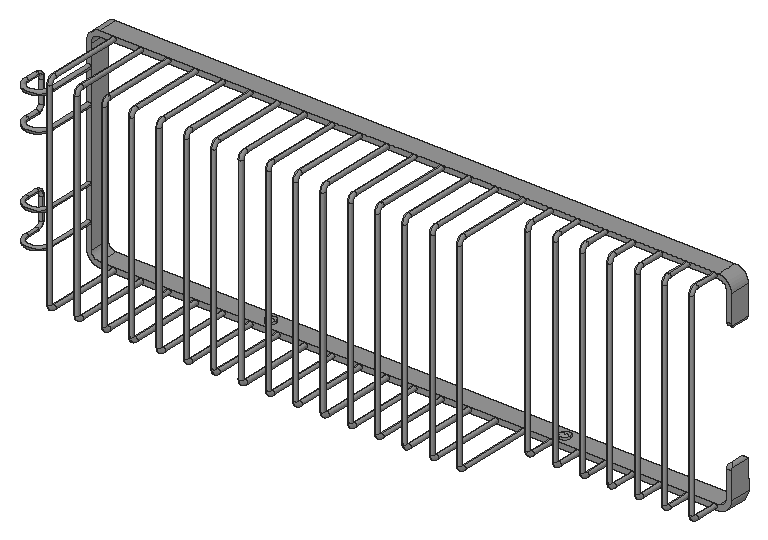
Revit family "RECK Jabonera 38x12.5cm BC3612600", category Generic Models, host Face, Revit 2014
Parameters
  MODELO = "RECK"
  MARCA = "WASSER"
  EMPRESA = "CHC COMERCIAL HISPANO CHILENA"
  Default Elevation = 1219.2 mm
  DIMENSIONES = "38X12.5CM"
  CÓDIGO = "BC3612600"
  ACCESORIO = "JABONERA"
Reference planes
  plane 1 "Center (Front/Back)": y = 0
  plane 2: z = 0
  plane 3 "Center (Left/Right)": x = 0
  plane 4: z = 125
  plane 5: x = 190
  plane 6: x = -190
  plane 7: y = -60
  plane 8: x = -75
  plane 9: x = 75
  plane 10: x = 3.025
  plane 11: x = -13.025
  plane 12: x = 19.096
  plane 13: x = -29.135
  plane 14: x = -45.191
  plane 15: x = -61.246
  plane 16: x = -77.349
  plane 17: x = -93.444
  plane 18: x = -109.584
  plane 19: x = -125.686
  plane 20: x = -141.739
  plane 21: x = -157.793
  plane 22: x = -173.846
Forms (mm)
  Extrusion 1, solid, material "Steel, Chrome Plated"
    sketch origin (0, 0, 0) x (1, 0, 0) y (0, 0, 1)
      loop
        arc (182, 0) -> (187.657, 2.343) -> (190, 8) r 8
        line (190, 8) -> (190, 25)
        arc (190, 25) -> (188.5, 26.5) -> (187, 25) r 1.5
        line (187, 25) -> (187, 8)
        arc (187, 8) -> (185.536, 4.464) -> (182, 3) r 5
        line (182, 3) -> (-182, 3)
        arc (-182, 3) -> (-185.536, 4.464) -> (-187, 8) r 5
        line (-187, 8) -> (-187, 117)
        arc (-187, 117) -> (-185.536, 120.536) -> (-182, 122) r 5
        line (-182, 122) -> (182, 122)
        arc (182, 122) -> (185.536, 120.536) -> (187, 117) r 5
        line (187, 117) -> (187, 100)
        arc (187, 100) -> (188.5, 98.5) -> (190, 100) r 1.5
        line (190, 100) -> (190, 117)
        arc (190, 117) -> (187.657, 122.657) -> (182, 125) r 8
        line (182, 125) -> (-182, 125)
        arc (-182, 125) -> (-187.657, 122.657) -> (-190, 117) r 8
        line (-190, 117) -> (-190, 8)
        arc (-190, 8) -> (-187.657, 2.343) -> (-182, 0) r 8
        line (-182, 0) -> (182, 0)
    from 0 to 12
  Revolve 2, solid, material "Steel, Chrome Plated"
    sketch origin (70.631, -5.965, 0) x (1, 0, 0) y (0, 0, 1)
      loop
        arc (19.269, 3.812) -> (17.821, 4.357) -> (16.286, 4.542) r 6.456
        line (16.286, 4.542) -> (16.286, 3) -> (19.269, 3) -> (19.269, 3.812)
      axis (16.286, 4.542) -> (16.286, 3)
    angle from 0 to 360
  Revolve 3, solid, material "Steel, Chrome Plated"
    sketch origin (-70, -5.965, 0) x (-1, 0, 0) y (0, 0, 1)
      loop
        arc (19.269, 3.812) -> (17.821, 4.357) -> (16.286, 4.542) r 6.456
        line (16.286, 4.542) -> (16.286, 3) -> (19.269, 3) -> (19.269, 3.812)
      axis (16.286, 4.542) -> (16.286, 3)
    angle from 0 to 360
  Extrusion 4, void
    sketch origin (-61.896, 0, 55.588) x (0.002115, 0, 0.999998) y (0, -1, 0)
      loop
        line (-33.818, 0) -> (-30.222, -2.612) -> (-26.755, 0.296) -> (-27.237, 14.082) -> (-33.818, 12) -> (-31.5, 12)
        arc (-31.5, 12) -> (-29.379, 11.121) -> (-28.5, 9) r 3
        line (-28.5, 9) -> (-28.5, 3)
        arc (-28.5, 3) -> (-29.379, 0.879) -> (-31.5, 0) r 3
        line (-31.5, 0) -> (-33.818, 0)
    from 228.786 to 272.928
  Sweep 5, solid, material "Steel, Chrome Plated"
    path origin (3.025, 0, 50.916) x (0, 0, -1) y (0, 1, 0)
      loop
        line (49.308, -12) -> (49.308, -56.263)
        arc (49.308, -56.263) -> (48.43, -58.384) -> (46.308, -59.263) r 3
        line (46.308, -59.263) -> (-69.657, -59.263)
        arc (-69.657, -59.263) -> (-71.747, -58.397) -> (-72.612, -56.308) r 2.955
        line (-72.612, -56.308) -> (-72.612, -12)
    profile origin (3.025, -59.263, 62.59) x (0, -1, 0) y (1, 0, 0)
      loop
        circle (0, 0) r 1.2
  Extrusion 6, void
    sketch origin (-61.896, 0, 69.412) x (0.002115, 0, -0.999998) y (0, 1, 0)
      loop
        line (-33.818, 0) -> (-31.5, 0)
        arc (-31.5, 0) -> (-29.379, -0.879) -> (-28.5, -3) r 3
        line (-28.5, -3) -> (-28.5, -9)
        arc (-28.5, -9) -> (-29.379, -11.121) -> (-31.5, -12) r 3
        line (-31.5, -12) -> (-33.818, -12) -> (-27.237, -14.082) -> (-26.755, -0.296) -> (-30.222, 2.612) -> (-33.818, 0)
    from 228.786 to 272.928
  Sweep 7, solid, material "Steel, Chrome Plated"
    path origin (-13.025, 0, 50.916) x (0, 0, -1) y (0, -1, 0)
      loop
        line (49.308, 12) -> (49.308, 56.265)
        arc (49.308, 56.265) -> (48.43, 58.386) -> (46.308, 59.265) r 3
        line (46.308, 59.265) -> (-69.657, 59.265)
        arc (-69.657, 59.265) -> (-71.747, 58.399) -> (-72.612, 56.31) r 2.955
        line (-72.612, 56.31) -> (-72.612, 12)
    profile origin (-13.025, -59.265, 62.59) x (0, 1, 0) y (-1, 0, 0)
      loop
        circle (0, 0) r 1.2
  Sweep 8, solid, material "Steel, Chrome Plated"
    path origin (19.096, 0, 50.916) x (0, 0, -1) y (0, 1, 0)
      loop
        line (49.308, -12) -> (49.308, -56.271)
        arc (49.308, -56.271) -> (48.43, -58.392) -> (46.308, -59.271) r 3
        line (46.308, -59.271) -> (-69.657, -59.271)
        arc (-69.657, -59.271) -> (-71.747, -58.406) -> (-72.612, -56.316) r 2.955
        line (-72.612, -56.316) -> (-72.612, -12)
    profile origin (19.096, -59.271, 62.59) x (0, -1, 0) y (1, 0, 0)
      loop
        circle (0, 0) r 1.2
  Sweep 9, solid, material "Steel, Chrome Plated"
    path origin (-29.135, 0, 50.916) x (0, 0, -1) y (0, -1, 0)
      loop
        line (49.308, 12) -> (49.308, 56.242)
        arc (49.308, 56.242) -> (48.43, 58.364) -> (46.308, 59.242) r 3
        line (46.308, 59.242) -> (-69.657, 59.242)
        arc (-69.657, 59.242) -> (-71.747, 58.377) -> (-72.612, 56.287) r 2.955
        line (-72.612, 56.287) -> (-72.612, 12)
    profile origin (-29.135, -59.242, 62.59) x (0, 1, 0) y (-1, 0, 0)
      loop
        circle (0, 0) r 1.2
  Sweep 10, solid, material "Steel, Chrome Plated"
    path origin (-45.191, 0, 50.916) x (0, 0, -1) y (0, -1, 0)
      loop
        line (49.308, 12) -> (49.308, 56.246)
        arc (49.308, 56.246) -> (48.43, 58.368) -> (46.308, 59.246) r 3
        line (46.308, 59.246) -> (-69.657, 59.246)
        arc (-69.657, 59.246) -> (-71.747, 58.381) -> (-72.612, 56.291) r 2.955
        line (-72.612, 56.291) -> (-72.612, 12)
    profile origin (-45.191, -59.246, 62.59) x (0, 1, 0) y (-1, 0, 0)
      loop
        circle (0, 0) r 1.2
  Sweep 11, solid, material "Steel, Chrome Plated"
    path origin (-61.246, 0, 50.916) x (0, 0, -1) y (0, -1, 0)
      loop
        line (49.308, 12) -> (49.308, 56.254)
        arc (49.308, 56.254) -> (48.43, 58.375) -> (46.308, 59.254) r 3
        line (46.308, 59.254) -> (-69.657, 59.254)
        arc (-69.657, 59.254) -> (-71.747, 58.388) -> (-72.612, 56.299) r 2.955
        line (-72.612, 56.299) -> (-72.612, 12)
    profile origin (-61.246, -59.254, 62.59) x (0, 1, 0) y (-1, 0, 0)
      loop
        circle (0, 0) r 1.2
  Sweep 12, solid, material "Steel, Chrome Plated"
    path origin (-77.349, 0, 50.916) x (0, 0, -1) y (0, -1, 0)
      loop
        line (49.308, 12) -> (49.308, 56.271)
        arc (49.308, 56.271) -> (48.43, 58.392) -> (46.308, 59.271) r 3
        line (46.308, 59.271) -> (-69.657, 59.271)
        arc (-69.657, 59.271) -> (-71.747, 58.405) -> (-72.612, 56.315) r 2.955
        line (-72.612, 56.315) -> (-72.612, 12)
    profile origin (-77.349, -59.271, 62.59) x (0, 1, 0) y (-1, 0, 0)
      loop
        circle (0, 0) r 1.2
  Sweep 13, solid, material "Steel, Chrome Plated"
    path origin (-93.444, 0, 50.916) x (0, 0, -1) y (0, -1, 0)
      loop
        line (49.308, 12) -> (49.308, 56.272)
        arc (49.308, 56.272) -> (48.43, 58.394) -> (46.308, 59.272) r 3
        line (46.308, 59.272) -> (-69.657, 59.272)
        arc (-69.657, 59.272) -> (-71.747, 58.407) -> (-72.612, 56.317) r 2.955
        line (-72.612, 56.317) -> (-72.612, 12)
    profile origin (-93.444, -59.272, 62.59) x (0, 1, 0) y (-1, 0, 0)
      loop
        circle (0, 0) r 1.2
  Sweep 14, solid, material "Steel, Chrome Plated"
    path origin (-109.584, 0, 50.916) x (0, 0, -1) y (0, -1, 0)
      loop
        line (49.308, 12) -> (49.308, 56.234)
        arc (49.308, 56.234) -> (48.43, 58.356) -> (46.308, 59.234) r 3
        line (46.308, 59.234) -> (-69.657, 59.234)
        arc (-69.657, 59.234) -> (-71.747, 58.369) -> (-72.612, 56.279) r 2.955
        line (-72.612, 56.279) -> (-72.612, 12)
    profile origin (-109.584, -59.234, 62.59) x (0, 1, 0) y (-1, 0, 0)
      loop
        circle (0, 0) r 1.2
  Sweep 15, solid, material "Steel, Chrome Plated"
    path origin (-125.686, 0, 50.916) x (0, 0, -1) y (0, -1, 0)
      loop
        line (49.308, 12) -> (49.308, 56.298)
        arc (49.308, 56.298) -> (48.43, 58.42) -> (46.308, 59.298) r 3
        line (46.308, 59.298) -> (-69.657, 59.298)
        arc (-69.657, 59.298) -> (-71.747, 58.433) -> (-72.612, 56.343) r 2.955
        line (-72.612, 56.343) -> (-72.612, 12)
    profile origin (-125.686, -59.298, 62.59) x (0, 1, 0) y (-1, 0, 0)
      loop
        circle (0, 0) r 1.2
  Sweep 16, solid, material "Steel, Chrome Plated"
    path origin (-141.739, 0, 50.916) x (0, 0, -1) y (0, -1, 0)
      loop
        line (49.308, 12) -> (49.308, 56.238)
        arc (49.308, 56.238) -> (48.43, 58.36) -> (46.308, 59.238) r 3
        line (46.308, 59.238) -> (-69.657, 59.238)
        arc (-69.657, 59.238) -> (-71.747, 58.373) -> (-72.612, 56.283) r 2.955
        line (-72.612, 56.283) -> (-72.612, 12)
    profile origin (-141.739, -59.238, 62.59) x (0, 1, 0) y (-1, 0, 0)
      loop
        circle (0, 0) r 1.2
  Sweep 17, solid, material "Steel, Chrome Plated"
    path origin (-157.793, 0, 50.916) x (0, 0, -1) y (0, -1, 0)
      loop
        line (49.308, 12) -> (49.308, 56.255)
        arc (49.308, 56.255) -> (48.43, 58.376) -> (46.308, 59.255) r 3
        line (46.308, 59.255) -> (-69.657, 59.255)
        arc (-69.657, 59.255) -> (-71.747, 58.39) -> (-72.612, 56.3) r 2.955
        line (-72.612, 56.3) -> (-72.612, 12)
    profile origin (-157.793, -59.255, 62.59) x (0, 1, 0) y (-1, 0, 0)
      loop
        circle (0, 0) r 1.2
  Sweep 18, solid, material "Steel, Chrome Plated"
    path origin (-173.846, 0, 50.916) x (0, 0, -1) y (0, -1, 0)
      loop
        line (49.308, 12) -> (49.308, 56.256)
        arc (49.308, 56.256) -> (48.43, 58.377) -> (46.308, 59.256) r 3
        line (46.308, 59.256) -> (-69.657, 59.256)
        arc (-69.657, 59.256) -> (-71.747, 58.39) -> (-72.612, 56.301) r 2.955
        line (-72.612, 56.301) -> (-72.612, 12)
    profile origin (-173.846, -59.256, 62.59) x (0, 1, 0) y (-1, 0, 0)
      loop
        circle (0, 0) r 1.2
  Sweep 19, solid, material "Steel, Chrome Plated"
    path origin (35.151, 0, 50.916) x (0, 0, -1) y (0, 1, 0)
      loop
        line (49.308, -12) -> (49.308, -56.246)
        arc (49.308, -56.246) -> (48.43, -58.368) -> (46.308, -59.246) r 3
        line (46.308, -59.246) -> (-69.657, -59.246)
        arc (-69.657, -59.246) -> (-71.747, -58.381) -> (-72.612, -56.291) r 2.955
        line (-72.612, -56.291) -> (-72.612, -12)
    profile origin (35.151, -59.246, 62.59) x (0, -1, 0) y (1, 0, 0)
      loop
        circle (0, 0) r 1.2
  Sweep 20, solid, material "Steel, Chrome Plated"
    path origin (51.207, 0, 50.916) x (0, 0, -1) y (0, 1, 0)
      loop
        line (49.308, -12) -> (49.308, -56.224)
        arc (49.308, -56.224) -> (48.43, -58.345) -> (46.308, -59.224) r 3
        line (46.308, -59.224) -> (-69.657, -59.224)
        arc (-69.657, -59.224) -> (-71.747, -58.358) -> (-72.612, -56.268) r 2.955
        line (-72.612, -56.268) -> (-72.612, -12)
    profile origin (51.207, -59.224, 62.59) x (0, -1, 0) y (1, 0, 0)
      loop
        circle (0, 0) r 1.2
  Sweep 21, solid, material "Steel, Chrome Plated"
    path origin (67.262, 0, 50.916) x (0, 0, -1) y (0, 1, 0)
      loop
        line (49.308, -12) -> (49.308, -56.216)
        arc (49.308, -56.216) -> (48.43, -58.337) -> (46.308, -59.216) r 3
        line (46.308, -59.216) -> (-69.657, -59.216)
        arc (-69.657, -59.216) -> (-71.747, -58.351) -> (-72.612, -56.261) r 2.955
        line (-72.612, -56.261) -> (-72.612, -12)
    profile origin (67.262, -59.216, 62.59) x (0, -1, 0) y (1, 0, 0)
      loop
        circle (0, 0) r 1.2
  Sweep 22, solid, material "Steel, Chrome Plated"
    path origin (83.318, 0, 50.916) x (0, 0, -1) y (0, 1, 0)
      loop
        line (49.308, -12) -> (49.308, -25.954)
        arc (49.308, -25.954) -> (48.43, -28.075) -> (46.308, -28.954) r 3
        line (46.308, -28.954) -> (-69.657, -28.954)
        arc (-69.657, -28.954) -> (-71.747, -28.088) -> (-72.612, -25.998) r 2.955
        line (-72.612, -25.998) -> (-72.612, -12)
    profile origin (83.318, -28.954, 62.59) x (0, -1, 0) y (1, 0, 0)
      loop
        circle (0, 0) r 1.2
  Sweep 23, solid, material "Steel, Chrome Plated"
    path origin (99.374, 0, 50.916) x (0, 0, -1) y (0, 1, 0)
      loop
        line (49.308, -12) -> (49.308, -25.954)
        arc (49.308, -25.954) -> (48.43, -28.075) -> (46.308, -28.954) r 3
        line (46.308, -28.954) -> (-69.657, -28.954)
        arc (-69.657, -28.954) -> (-71.747, -28.088) -> (-72.612, -25.998) r 2.955
        line (-72.612, -25.998) -> (-72.612, -12)
    profile origin (99.374, -28.954, 62.59) x (0, -1, 0) y (1, 0, 0)
      loop
        circle (0, 0) r 1.2
  Sweep 24, solid, material "Steel, Chrome Plated"
    path origin (115.429, 0, 50.916) x (0, 0, -1) y (0, 1, 0)
      loop
        line (49.308, -12) -> (49.308, -25.954)
        arc (49.308, -25.954) -> (48.43, -28.075) -> (46.308, -28.954) r 3
        line (46.308, -28.954) -> (-69.657, -28.954)
        arc (-69.657, -28.954) -> (-71.747, -28.088) -> (-72.612, -25.998) r 2.955
        line (-72.612, -25.998) -> (-72.612, -12)
    profile origin (115.429, -28.954, 62.59) x (0, -1, 0) y (1, 0, 0)
      loop
        circle (0, 0) r 1.2
  Sweep 25, solid, material "Steel, Chrome Plated"
    path origin (131.562, 0, 50.916) x (0, 0, -1) y (0, 1, 0)
      loop
        line (49.308, -12) -> (49.308, -25.954)
        arc (49.308, -25.954) -> (48.43, -28.075) -> (46.308, -28.954) r 3
        line (46.308, -28.954) -> (-69.657, -28.954)
        arc (-69.657, -28.954) -> (-71.747, -28.088) -> (-72.612, -25.998) r 2.955
        line (-72.612, -25.998) -> (-72.612, -12)
    profile origin (131.562, -28.954, 62.59) x (0, -1, 0) y (1, 0, 0)
      loop
        circle (0, 0) r 1.2
  Sweep 26, solid, material "Steel, Chrome Plated"
    path origin (147.659, 0, 50.916) x (0, 0, -1) y (0, 1, 0)
      loop
        line (49.308, -12) -> (49.308, -25.954)
        arc (49.308, -25.954) -> (48.43, -28.075) -> (46.308, -28.954) r 3
        line (46.308, -28.954) -> (-69.657, -28.954)
        arc (-69.657, -28.954) -> (-71.747, -28.088) -> (-72.612, -25.998) r 2.955
        line (-72.612, -25.998) -> (-72.612, -12)
    profile origin (147.659, -28.954, 62.59) x (0, -1, 0) y (1, 0, 0)
      loop
        circle (0, 0) r 1.2
  Sweep 27, solid, material "Steel, Chrome Plated"
    path origin (163.747, 0, 50.916) x (0, 0, -1) y (0, 1, 0)
      loop
        line (49.308, -12) -> (49.308, -25.954)
        arc (49.308, -25.954) -> (48.43, -28.075) -> (46.308, -28.954) r 3
        line (46.308, -28.954) -> (-69.657, -28.954)
        arc (-69.657, -28.954) -> (-71.747, -28.088) -> (-72.612, -25.998) r 2.955
        line (-72.612, -25.998) -> (-72.612, -12)
    profile origin (163.747, -28.954, 62.59) x (0, -1, 0) y (1, 0, 0)
      loop
        circle (0, 0) r 1.2
  Sweep 28, solid, material "Steel, Chrome Plated"
    path origin (179.806, 0, 50.916) x (0, 0, -1) y (0, 1, 0)
      loop
        line (49.308, -12) -> (49.308, -25.954)
        arc (49.308, -25.954) -> (48.43, -28.075) -> (46.308, -28.954) r 3
        line (46.308, -28.954) -> (-69.657, -28.954)
        arc (-69.657, -28.954) -> (-71.747, -28.088) -> (-72.612, -25.998) r 2.955
        line (-72.612, -25.998) -> (-72.612, -12)
    profile origin (179.806, -28.954, 62.59) x (0, -1, 0) y (1, 0, 0)
      loop
        circle (0, 0) r 1.2
  Sweep 29, solid, material "Steel, Chrome Plated"
    path in 3D
      loop
        line (-188.481, -12, 83.835) -> (-188.481, -40.147, 83.835)
        arc (-188.481, -40.147, 83.835) -> (-195.661, -47.326, 83.835) -> (-202.84, -40.147, 83.835) r 7.179
        line (-202.84, -40.147, 83.835) -> (-202.84, -32.63, 83.835)
        arc (-202.84, -32.63, 83.835) -> (-202.84, -30.122, 84.874) -> (-202.84, -29.084, 87.381) r 3.546
        line (-202.84, -29.084, 87.381) -> (-202.84, -29.084, 100.579)
        arc (-202.84, -29.084, 100.579) -> (-202.84, -30.112, 103.063) -> (-202.84, -32.596, 104.091) r 3.512
        line (-202.84, -32.596, 104.091) -> (-202.84, -40.147, 104.091)
        arc (-202.84, -40.147, 104.091) -> (-195.661, -47.326, 104.091) -> (-188.481, -40.147, 104.091) r 7.179
        line (-188.481, -40.147, 104.091) -> (-188.481, -12, 104.091)
    profile origin (-188.481, -26.074, 104.091) x (-1, 0, 0) y (0, 0, 1)
      loop
        circle (0, 0) r 1.2
  Sweep 30, solid, material "Steel, Chrome Plated"
    path in 3D
      loop
        line (-188.481, -12, 22.044) -> (-188.481, -40.147, 22.044)
        arc (-188.481, -40.147, 22.044) -> (-195.661, -47.326, 22.044) -> (-202.84, -40.147, 22.044) r 7.179
        line (-202.84, -40.147, 22.044) -> (-202.84, -32.63, 22.044)
        arc (-202.84, -32.63, 22.044) -> (-202.84, -30.122, 23.082) -> (-202.84, -29.084, 25.59) r 3.546
        line (-202.84, -29.084, 25.59) -> (-202.84, -29.084, 38.788)
        arc (-202.84, -29.084, 38.788) -> (-202.84, -30.112, 41.271) -> (-202.84, -32.596, 42.3) r 3.512
        line (-202.84, -32.596, 42.3) -> (-202.84, -40.147, 42.3)
        arc (-202.84, -40.147, 42.3) -> (-195.661, -47.326, 42.3) -> (-188.481, -40.147, 42.3) r 7.179
        line (-188.481, -40.147, 42.3) -> (-188.481, -12, 42.3)
    profile origin (-188.481, -26.074, 42.3) x (-1, 0, 0) y (0, 0, 1)
      loop
        circle (0, 0) r 1
Cuts and joins
  Extrusion 4, Extrusion 6 cuts Extrusion 1
Lines and regions (mm)
  sketch lines
    curve 1: line (-188.481, -40.147, 104.091) -> (-188.481, -12, 104.091)
    curve 2: arc (-188.481, -40.147, 104.091) -> (-195.661, -47.326, 104.091) -> (-202.84, -40.147, 104.091) r 7.179
    curve 3: line (-202.84, -32.596, 104.091) -> (-202.84, -40.147, 104.091)
    curve 4: line (-202.84, -29.084, 100.579) -> (-202.84, -29.084, 87.381)
    curve 5: line (-202.84, -40.147, 83.835) -> (-202.84, -32.63, 83.835)
    curve 6: arc (-202.84, -40.147, 83.835) -> (-195.661, -47.326, 83.835) -> (-188.481, -40.147, 83.835) r 7.179
    curve 7: line (-188.481, -12, 83.835) -> (-188.481, -40.147, 83.835)
    curve 8: arc (-202.84, -29.084, 100.579) -> (-202.84, -30.112, 103.063) -> (-202.84, -32.596, 104.091) r 3.512
    curve 9: arc (-202.84, -32.63, 83.835) -> (-202.84, -30.122, 84.874) -> (-202.84, -29.084, 87.381) r 3.546
    curve 10: line (-188.481, -40.147, 42.3) -> (-188.481, -12, 42.3)
    curve 11: arc (-188.481, -40.147, 42.3) -> (-195.661, -47.326, 42.3) -> (-202.84, -40.147, 42.3) r 7.179
    curve 12: line (-202.84, -32.596, 42.3) -> (-202.84, -40.147, 42.3)
    curve 13: line (-202.84, -29.084, 38.788) -> (-202.84, -29.084, 25.59)
    curve 14: line (-202.84, -40.147, 22.044) -> (-202.84, -32.63, 22.044)
    curve 15: arc (-202.84, -40.147, 22.044) -> (-195.661, -47.326, 22.044) -> (-188.481, -40.147, 22.044) r 7.179
    curve 16: line (-188.481, -12, 22.044) -> (-188.481, -40.147, 22.044)
    curve 17: arc (-202.84, -29.084, 38.788) -> (-202.84, -30.112, 41.271) -> (-202.84, -32.596, 42.3) r 3.512
    curve 18: arc (-202.84, -32.63, 22.044) -> (-202.84, -30.122, 23.082) -> (-202.84, -29.084, 25.59) r 3.546
Dimensions and locks
  aligned and locked: plane 2 to host face
  aligned and locked: level to host face
